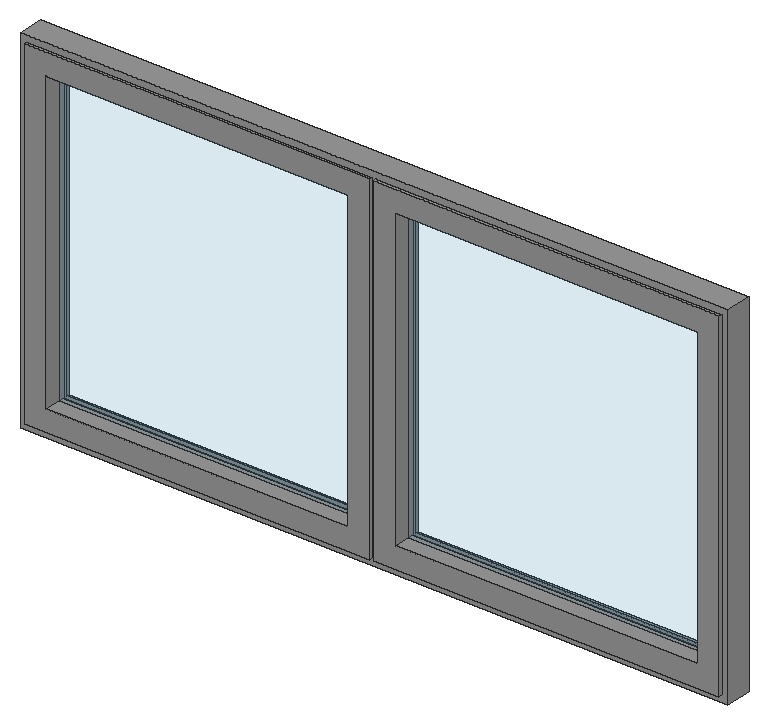
Revit family "Kawneer_Window_GT70s_Pos003", category Windows, host Wall, Revit 2020 (continued)
Definition of nested family "Kawneer_GT70s_Pos003"
  Definition of nested family "Kawneer_GT70s_Mull3"
    Lines and regions (mm)
      model lines, in view "Ref. Level", detail levels fine
        curve 373: arc (47, -24.667, 0) -> (46.85, -24.927, 0) -> (46.55, -24.927, 0) r 0.3
        curve 374: arc (47, -10.5, 0) -> (47.146, -10.146, 0) -> (47.5, -10, 0) r 0.5
        curve 375: arc (51.8, -9, 0) -> (51.507, -9.707, 0) -> (50.8, -10, 0) r 1
        curve 376: arc (50.787, -6.22, 0) -> (51.526, -6.884, 0) -> (51.8, -7.839, 0) r 1.8
        curve 377: arc (50.5, -6.4, 0) -> (50.594, -6.23, 0) -> (50.787, -6.22, 0) r 0.2
        curve 378: arc (50.5, -7.8, 0) -> (50.354, -8.154, 0) -> (50, -8.3, 0) r 0.5
        curve 379: arc (47.5, -8.3, 0) -> (47.146, -8.154, 0) -> (47, -7.8, 0) r 0.5
        curve 380: arc (47, 5.7, 0) -> (47.146, 6.054, 0) -> (47.5, 6.2, 0) r 0.5
        curve 381: arc (50, 6.2, 0) -> (50.354, 6.054, 0) -> (50.5, 5.7, 0) r 0.5
        curve 382: arc (50.778, 3.816, 0) -> (50.589, 3.833, 0) -> (50.5, 4, 0) r 0.2
        curve 383: arc (52, 5.658, 0) -> (51.655, 4.536, 0) -> (50.739, 3.8, 0) r 2
        curve 384: arc (51, 8, 0) -> (51.707, 7.707, 0) -> (52, 7, 0) r 1
        curve 385: arc (45.55, -39.3, 0) -> (45.488, -43.91, 0) -> (45.303, -48.516, 0) r 172.47
        curve 386: arc (45.303, -48.516, 0) -> (45.098, -49.458, 0) -> (44.605, -50.286, 0) r 3.002
        curve 387: arc (42.519, -53.867, 0) -> (42.699, -52.839, 0) -> (43.22, -51.936, 0) r 2.996
        curve 388: arc (42.519, -54.329, 0) -> (42.501, -54.457, 0) -> (42.451, -54.576, 0) r 0.5
        curve 389: arc (41.8, -56.8, 0) -> (41.659, -56.741, 0) -> (41.6, -56.6, 0) r 0.2
        curve 390: arc (43.08, -56.35, 0) -> (43.08, -56.65, 0) -> (42.821, -56.8, 0) r 0.3
        curve 391: arc (43.08, -56.35, 0) -> (43.6, -55.45, 0) -> (44.12, -56.35, 0) r 0.6
        curve 392: arc (44.379, -56.8, 0) -> (44.12, -56.65, 0) -> (44.12, -56.35, 0) r 0.3
        curve 393: arc (45.4, -56.6, 0) -> (45.341, -56.741, 0) -> (45.2, -56.8, 0) r 0.2
        curve 394: arc (44.897, -54.429, 0) -> (45.114, -53.72, 0) -> (45.645, -53.201, 0) r 1.5
        curve 395: arc (46.95, -51.87, 0) -> (46.816, -52.37, 0) -> (46.45, -52.736, 0) r 1
        curve 396: arc (46.45, -25.864, 0) -> (46.816, -26.23, 0) -> (46.95, -26.73, 0) r 1
        curve 397: arc (45.645, -25.399, 0) -> (45.114, -24.88, 0) -> (44.897, -24.171, 0) r 1.5
        curve 398: arc (45.2, -21.8, 0) -> (45.341, -21.859, 0) -> (45.4, -22, 0) r 0.2
        curve 399: arc (44.12, -22.25, 0) -> (44.12, -21.95, 0) -> (44.379, -21.8, 0) r 0.3
        curve 400: arc (44.12, -22.25, 0) -> (43.6, -23.15, 0) -> (43.08, -22.25, 0) r 0.6
        curve 401: arc (42.821, -21.8, 0) -> (43.08, -21.95, 0) -> (43.08, -22.25, 0) r 0.3
        curve 402: arc (41.6, -21.9, 0) -> (41.66, -21.813, 0) -> (41.764, -21.803, 0) r 0.124
        curve 403: arc (42.452, -24.026, 0) -> (42.502, -24.144, 0) -> (42.519, -24.271, 0) r 0.5
        curve 404: arc (43.221, -26.665, 0) -> (42.672, -25.773, 0) -> (42.519, -24.737, 0) r 2.599
        curve 405: arc (44.605, -28.315, 0) -> (45.095, -29.143, 0) -> (45.303, -30.083, 0) r 3.049
        curve 406: arc (45.303, -30.083, 0) -> (45.455, -33.587, 0) -> (45.536, -37.094, 0) r 172.05
        curve 407: arc (45.536, -37.094, 0) -> (45.392, -37.451, 0) -> (45.036, -37.6, 0) r 0.5
        curve 408: arc (36.15, -38.2, 0) -> (36.326, -37.776, 0) -> (36.75, -37.6, 0) r 0.6
        curve 409: arc (36.75, -38.8, 0) -> (36.326, -38.624, 0) -> (36.15, -38.2, 0) r 0.6
        curve 410: arc (45.05, -38.8, 0) -> (45.404, -38.946, 0) -> (45.55, -39.3, 0) r 0.5
        curve 411: arc (26.847, -46.799, 0) -> (25.787, -46.359, 0) -> (25.347, -45.299, 0) r 1.5
        curve 412: arc (25.347, -38.899, 0) -> (25.64, -38.192, 0) -> (26.347, -37.899, 0) r 1
        curve 413: arc (29.918, -37.899, 0) -> (30.372, -38.008, 0) -> (30.727, -38.311, 0) r 1
        curve 414: arc (31.856, -39.866, 0) -> (31.998, -40.145, 0) -> (32.047, -40.454, 0) r 1
        curve 415: arc (32.047, -45.299, 0) -> (31.608, -46.359, 0) -> (30.547, -46.799, 0) r 1.5
        curve 416: arc (31.03, -36.906, 0) -> (30.706, -37.123, 0) -> (30.323, -37.199, 0) r 1
        curve 417: arc (26.347, -37.199, 0) -> (25.64, -36.906, 0) -> (25.347, -36.199, 0) r 1
        curve 418: arc (25.347, -29.799, 0) -> (25.787, -28.738, 0) -> (26.847, -28.299, 0) r 1.5
        curve 419: arc (30.547, -28.299, 0) -> (31.608, -28.738, 0) -> (32.047, -29.799, 0) r 1.5
        curve 420: arc (32.047, -35.474, 0) -> (31.971, -35.857, 0) -> (31.754, -36.182, 0) r 1
        curve 421: arc (30.347, -47.799, 0) -> (31.054, -48.092, 0) -> (31.347, -48.799, 0) r 1
        curve 422: arc (31.847, -52.736, 0) -> (31.481, -52.37, 0) -> (31.347, -51.87, 0) r 1
        curve 423: arc (32.652, -53.201, 0) -> (33.183, -53.72, 0) -> (33.401, -54.429, 0) r 1.5
        curve 424: arc (33.097, -56.8, 0) -> (32.956, -56.741, 0) -> (32.897, -56.6, 0) r 0.2
        curve 425: arc (34.178, -56.35, 0) -> (34.178, -56.65, 0) -> (33.918, -56.8, 0) r 0.3
        curve 426: arc (34.178, -56.35, 0) -> (34.697, -55.448, 0) -> (35.217, -56.35, 0) r 0.601
        curve 427: arc (35.477, -56.8, 0) -> (35.217, -56.65, 0) -> (35.217, -56.35, 0) r 0.3
        curve 428: arc (36.697, -56.6, 0) -> (36.639, -56.741, 0) -> (36.497, -56.8, 0) r 0.2
        curve 429: arc (35.845, -54.574, 0) -> (35.796, -54.456, 0) -> (35.778, -54.33, 0) r 0.5
        curve 430: arc (35.077, -51.936, 0) -> (35.598, -52.838, 0) -> (35.778, -53.863, 0) r 2.996
        curve 431: arc (33.749, -50.353, 0) -> (33.228, -49.451, 0) -> (33.047, -48.425, 0) r 3
        curve 432: arc (33.047, -41.499, 0) -> (33.194, -41.145, 0) -> (33.547, -40.999, 0) r 0.5
        curve 433: arc (41.347, -39.799, 0) -> (41.947, -40.399, 0) -> (41.347, -40.999, 0) r 0.6
        curve 434: arc (33.298, -39.799, 0) -> (33.071, -39.744, 0) -> (32.894, -39.593, 0) r 0.5
        curve 435: arc (32.176, -38.605, 0) -> (31.974, -37.65, 0) -> (32.549, -36.86, 0) r 1.2
        curve 436: arc (33.047, -35.993, 0) -> (32.914, -36.493, 0) -> (32.549, -36.86, 0) r 1
        curve 437: arc (33.047, -30.173, 0) -> (33.229, -29.148, 0) -> (33.749, -28.247, 0) r 3
        curve 438: arc (35.778, -24.737, 0) -> (35.598, -25.762, 0) -> (35.077, -26.664, 0) r 2.996
        curve 439: arc (35.778, -24.27, 0) -> (35.796, -24.144, 0) -> (35.845, -24.026, 0) r 0.5
        curve 440: arc (36.497, -21.8, 0) -> (36.639, -21.859, 0) -> (36.697, -22, 0) r 0.2
        curve 441: arc (35.217, -22.25, 0) -> (35.218, -21.948, 0) -> (35.482, -21.8, 0) r 0.3
        curve 442: arc (35.217, -22.25, 0) -> (34.697, -23.173, 0) -> (34.178, -22.25, 0) r 0.608
        curve 443: arc (33.918, -21.8, 0) -> (34.178, -21.95, 0) -> (34.178, -22.25, 0) r 0.3
        curve 444: arc (32.897, -22, 0) -> (32.956, -21.859, 0) -> (33.097, -21.8, 0) r 0.2
        curve 445: arc (33.401, -24.171, 0) -> (33.183, -24.88, 0) -> (32.652, -25.399, 0) r 1.5
        curve 446: arc (31.353, -26.626, 0) -> (31.508, -26.186, 0) -> (31.847, -25.864, 0) r 1
        curve 447: arc (31.353, -26.626, 0) -> (31.109, -27.106, 0) -> (30.607, -27.299, 0) r 0.75
        curve 448: arc (24.347, -28.799, 0) -> (24.787, -27.738, 0) -> (25.847, -27.299, 0) r 1.5
        curve 449: arc (24.847, -47.799, 0) -> (24.494, -47.652, 0) -> (24.347, -47.299, 0) r 0.5
        curve 450: arc (10.72, -47.702, 0) -> (10.911, -47.74, 0) -> (11.073, -47.848, 0) r 0.5
        curve 451: arc (9.44, -48.302, 0) -> (9.543, -47.886, 0) -> (9.93, -47.702, 0) r 0.5
        curve 452: arc (10.42, -49.102, 0) -> (9.787, -48.877, 0) -> (9.44, -48.302, 0) r 1
        curve 453: arc (11.22, -48.602, 0) -> (11.073, -48.956, 0) -> (10.72, -49.102, 0) r 0.5
        curve 454: arc (11.073, -47.848, 0) -> (11.182, -48.011, 0) -> (11.22, -48.202, 0) r 0.5
        curve 455: arc (10.72, -49.764, 0) -> (11.073, -49.911, 0) -> (11.22, -50.264, 0) r 0.5
        curve 456: arc (9.92, -50.264, 0) -> (10.066, -49.911, 0) -> (10.42, -49.764, 0) r 0.5
        curve 457: arc (10.42, -51.164, 0) -> (10.066, -51.018, 0) -> (9.92, -50.664, 0) r 0.5
        curve 458: arc (11.22, -50.664, 0) -> (11.073, -51.018, 0) -> (10.72, -51.164, 0) r 0.5
        curve 459: arc (11.7, -46.438, 0) -> (11.153, -47.121, 0) -> (10.367, -46.737, 0) r 0.7
        curve 460: arc (11.7, -45.279, 0) -> (11.778, -45.12, 0) -> (11.951, -45.085, 0) r 0.2
        curve 461: arc (11.951, -45.085, 0) -> (12.488, -45.326, 0) -> (12.919, -45.727, 0) r 1.8
        curve 462: arc (12.919, -45.727, 0) -> (13.197, -46.246, 0) -> (13.294, -46.826, 0) r 1.8
        curve 463: arc (15.757, -50.168, 0) -> (14.199, -49.78, 0) -> (13.429, -48.371, 0) r 2
        curve 464: arc (25.69, -48.295, 0) -> (25.926, -48.317, 0) -> (25.743, -48.466, 0) r 0.127
        curve 465: arc (21.867, -49.048, 0) -> (21.358, -48.839, 0) -> (21.349, -48.288, 0) r 0.5
        curve 466: arc (21.349, -48.288, 0) -> (22.255, -47.441, 0) -> (23.457, -47.133, 0) r 2.5
        curve 467: arc (26.486, -47.133, 0) -> (27.446, -47.855, 0) -> (27.021, -48.978, 0) r 1
        curve 468: arc (26.78, -49.145, 0) -> (22.397, -51.727, 0) -> (17.686, -53.647, 0) r 35
        curve 469: arc (12.012, -55.49, 0) -> (11.833, -55.462, 0) -> (11.75, -55.3, 0) r 0.2
        curve 470: arc (10.352, -52.387, 0) -> (11.074, -51.733, 0) -> (11.75, -52.433, 0) r 0.7
        curve 471: arc (7.4, -51.718, 0) -> (7.291, -51.608, 0) -> (7.25, -51.458, 0) r 0.3
        curve 472: arc (7.25, -50.238, 0) -> (7.653, -49.835, 0) -> (8.056, -50.238, 0) r 0.403
        curve 473: arc (8.706, -50.444, 0) -> (8.381, -50.769, 0) -> (8.056, -50.444, 0) r 0.325
        curve 474: arc (8.378, -49.261, 0) -> (8.616, -49.444, 0) -> (8.706, -49.731, 0) r 0.5
        curve 475: arc (8.378, -49.261, 0) -> (7.664, -48.712, 0) -> (7.394, -47.853, 0) r 1.5
        curve 476: arc (7.394, -47.62, 0) -> (7.432, -47.473, 0) -> (7.538, -47.364, 0) r 0.3
        curve 477: arc (9.264, 5.418, 0) -> (9.329, 5.548, 0) -> (9.464, 5.601, 0) r 0.2
        curve 478: arc (10.136, 5.601, 0) -> (10.271, 5.548, 0) -> (10.336, 5.418, 0) r 0.2
        curve 479: arc (10.449, 4.118, 0) -> (10.397, 3.966, 0) -> (10.25, 3.901, 0) r 0.2
        curve 480: arc (9.35, 3.901, 0) -> (9.203, 3.965, 0) -> (9.151, 4.118, 0) r 0.2
        curve 481: arc (7.324, 0.801, 0) -> (6.777, 1.016, 0) -> (6.525, 1.547, 0) r 0.8
        curve 482: arc (6.525, 1.547, 0) -> (6.507, 2.183, 0) -> (6.538, 2.818, 0) r 8.2
        curve 483: arc (6.538, 2.818, 0) -> (6.602, 2.948, 0) -> (6.737, 3.001, 0) r 0.2
        curve 484: arc (10.93, 3.001, 0) -> (11.029, 2.92, 0) -> (10.968, 2.808, 0) r 0.1
        curve 485: arc (10.968, 2.808, 0) -> (9.675, 2.548, 0) -> (8.377, 2.788, 0) r 3.48
        curve 486: arc (7.212, 1.718, 0) -> (7.447, 2.631, 0) -> (8.377, 2.788, 0) r 0.866
        curve 487: arc (7.888, 0.984, 0) -> (7.472, 1.279, 0) -> (7.212, 1.718, 0) r 1.222
        curve 488: arc (11.16, 1.597, 0) -> (11.642, 1.905, 0) -> (11.951, 1.423, 0) r 0.405
        curve 489: arc (11.16, 1.597, 0) -> (10.842, 1.058, 0) -> (10.268, 0.809, 0) r 1.009
        curve 490: arc (10.268, 0.809, 0) -> (10.004, 0.8, 0) -> (9.74, 0.822, 0) r 2.275
        curve 491: arc (9.74, 0.822, 0) -> (9.481, 0.873, 0) -> (9.23, 0.955, 0) r 2.275
        curve 492: arc (9.23, 0.955, 0) -> (8.541, 1.326, 0) -> (7.962, 1.851, 0) r 3.222
        curve 493: arc (7.962, 1.851, 0) -> (7.954, 2.011, 0) -> (8.107, 2.057, 0) r 0.13
        curve 494: arc (13.093, 3.524, 0) -> (10.85, 1.942, 0) -> (8.107, 2.057, 0) r 4.258
        curve 495: arc (12.85, 4.001, 0) -> (13.117, 3.837, 0) -> (13.093, 3.524, 0) r 0.3
        curve 496: arc (11.45, 4.001, 0) -> (11.309, 4.059, 0) -> (11.25, 4.201, 0) r 0.2
        curve 497: arc (11.75, 5.747, 0) -> (11.847, 5.54, 0) -> (11.685, 5.377, 0) r 0.2
        curve 498: arc (7.915, 5.377, 0) -> (7.753, 5.54, 0) -> (7.85, 5.747, 0) r 0.2
        curve 499: arc (8.35, 4.201, 0) -> (8.291, 4.059, 0) -> (8.15, 4.001, 0) r 0.2
        curve 500: arc (5.855, 3.754, 0) -> (5.958, 3.931, 0) -> (6.15, 4.001, 0) r 0.3
        curve 501: arc (5.728, 1.486, 0) -> (5.721, 2.624, 0) -> (5.855, 3.754, 0) r 9.161
        curve 502: arc (7.324, -0.005, 0) -> (6.232, 0.426, 0) -> (5.728, 1.486, 0) r 1.6
        curve 503: arc (11.951, 1.423, 0) -> (11.321, 0.402, 0) -> (10.194, -0.005, 0) r 1.819
        curve 504: arc (22.35, -68.117, 0) -> (22.402, -67.965, 0) -> (22.55, -67.9, 0) r 0.2
        curve 505: arc (23.35, -67.9, 0) -> (23.497, -67.965, 0) -> (23.549, -68.117, 0) r 0.2
        curve 506: arc (23.435, -69.417, 0) -> (23.371, -69.547, 0) -> (23.236, -69.6, 0) r 0.2
        curve 507: arc (24.466, -69.131, 0) -> (24.789, -69.47, 0) -> (24.636, -69.913, 0) r 0.45
        curve 508: arc (24.35, -68.3, 0) -> (24.438, -68.088, 0) -> (24.65, -68, 0) r 0.3
        curve 509: arc (27.049, -68, 0) -> (27.269, -68.097, 0) -> (27.348, -68.324, 0) r 0.3
        curve 510: arc (28.729, -71.09, 0) -> (28.176, -71.752, 0) -> (27.35, -72, 0) r 1.5
        curve 511: arc (28.729, -71.09, 0) -> (29.517, -70.008, 0) -> (30.697, -69.376, 0) r 3
        curve 512: arc (34.403, -67.337, 0) -> (34.941, -67.746, 0) -> (34.58, -68.317, 0) r 0.5
        curve 513: arc (29.385, -67.798, 0) -> (29.022, -67.686, 0) -> (28.842, -67.35, 0) r 0.5
        curve 514: arc (27.35, -66, 0) -> (28.356, -66.388, 0) -> (28.842, -67.35, 0) r 1.5
        curve 515: arc (18.85, -67.5, 0) -> (19.289, -66.439, 0) -> (20.35, -66, 0) r 1.5
        curve 516: arc (21.25, -68, 0) -> (21.462, -68.088, 0) -> (21.55, -68.3, 0) r 0.3
        curve 517: arc (66.5, 8, 0) -> (66.854, 7.854, 0) -> (67, 7.5, 0) r 0.5
        curve 518: arc (67, -31.4, 0) -> (66.854, -31.754, 0) -> (66.5, -31.9, 0) r 0.5
        curve 519: arc (65.2, -31.9, 0) -> (64.846, -31.754, 0) -> (64.7, -31.4, 0) r 0.5
        curve 520: arc (64.7, -30.9, 0) -> (64.846, -30.546, 0) -> (65.2, -30.4, 0) r 0.5
        curve 521: arc (65.8, -29.9, 0) -> (65.654, -30.254, 0) -> (65.3, -30.4, 0) r 0.5
        curve 522: arc (65.3, -6.2, 0) -> (65.654, -6.346, 0) -> (65.8, -6.7, 0) r 0.5
        curve 523: arc (49.709, -6.541, 0) -> (49.665, -6.323, 0) -> (49.85, -6.2, 0) r 0.2
        curve 524: arc (50.45, -7.6, 0) -> (50.391, -7.741, 0) -> (50.25, -7.8, 0) r 0.2
        curve 525: arc (49.784, -7.8, 0) -> (49.655, -7.783, 0) -> (49.534, -7.733, 0) r 0.5
        curve 526: arc (47.903, -6.792, 0) -> (47.481, -5.772, 0) -> (48.356, -5.1, 0) r 0.906
        curve 527: arc (65.744, -4.082, 0) -> (65.458, -4.801, 0) -> (64.744, -5.1, 0) r 1
        curve 528: arc (64.078, 6.5, 0) -> (65.11, 6.089, 0) -> (65.576, 5.08, 0) r 1.5
        curve 529: arc (55.5, 6.25, 0) -> (55.683, 6.433, 0) -> (55.933, 6.5, 0) r 0.5
        curve 530: arc (53.97, 3.6, 0) -> (53.238, 2.868, 0) -> (52.238, 2.6, 0) r 2
        curve 531: arc (49.559, 2.6, 0) -> (49.097, 2.909, 0) -> (49.205, 3.454, 0) r 0.5
        curve 532: arc (49.764, 4.012, 0) -> (49.976, 4.1, 0) -> (50.188, 4.012, 0) r 0.3
        curve 533: arc (50.566, 3.8, 0) -> (50.413, 3.83, 0) -> (50.283, 3.917, 0) r 0.4
        curve 534: arc (52.989, 4.3, 0) -> (52.623, 3.934, 0) -> (52.123, 3.8, 0) r 1
        curve 535: arc (53.566, 6.8, 0) -> (53.999, 6.55, 0) -> (53.999, 6.05, 0) r 0.5
        curve 536: arc (52.4, 6.8, 0) -> (52.259, 6.859, 0) -> (52.2, 7, 0) r 0.2
        curve 537: arc (52.2, 7.5, 0) -> (52.346, 7.854, 0) -> (52.7, 8, 0) r 0.5
        curve 538: arc (64.397, -68.865, 0) -> (64.441, -69.029, 0) -> (64.594, -69.1, 0) r 0.2
        curve 539: arc (64.914, -69.415, 0) -> (64.928, -69.208, 0) -> (64.75, -69.1, 0) r 0.2
        curve 540: arc (64.33, -70.1, 0) -> (64.422, -70.077, 0) -> (64.494, -70.015, 0) r 0.2
        curve 541: arc (63.592, -70, 0) -> (63.665, -70.073, 0) -> (63.765, -70.1, 0) r 0.2
        curve 542: arc (63.173, -69.274, 0) -> (63, -69.174, 0) -> (62.827, -69.274, 0) r 0.2
        curve 543: arc (62.235, -70.1, 0) -> (62.335, -70.073, 0) -> (62.408, -70, 0) r 0.2
        curve 544: arc (61.506, -70.015, 0) -> (61.578, -70.077, 0) -> (61.67, -70.1, 0) r 0.2
        curve 545: arc (61.25, -69.1, 0) -> (61.073, -69.207, 0) -> (61.086, -69.415, 0) r 0.2
        curve 546: arc (61.406, -69.1, 0) -> (61.559, -69.029, 0) -> (61.603, -68.865, 0) r 0.2
        curve 547: arc (59.211, -67.817, 0) -> (59.275, -67.947, 0) -> (59.41, -68, 0) r 0.2
        curve 548: arc (59.034, -65, 0) -> (58.886, -65.065, 0) -> (58.835, -65.217, 0) r 0.2
        curve 549: arc (60.94, -65.148, 0) -> (60.868, -65.041, 0) -> (60.747, -65, 0) r 0.2
        curve 550: arc (61.101, -65.752, 0) -> (61.173, -65.859, 0) -> (61.295, -65.9, 0) r 0.2
        curve 551: arc (64.706, -65.9, 0) -> (64.827, -65.858, 0) -> (64.899, -65.752, 0) r 0.2
        curve 552: arc (65.253, -65, 0) -> (65.132, -65.041, 0) -> (65.06, -65.148, 0) r 0.2
        curve 553: arc (67.165, -65.217, 0) -> (67.114, -65.065, 0) -> (66.966, -65, 0) r 0.2
        curve 554: arc (66.59, -68, 0) -> (66.725, -67.947, 0) -> (66.789, -67.817, 0) r 0.2
        curve 555: arc (-42.146, -70.354, 0) -> (-42.037, -70.191, 0) -> (-41.999, -70, 0) r 0.5
        curve 556: arc (-39.999, -65.8, 0) -> (-41.413, -66.386, 0) -> (-41.999, -67.8, 0) r 2
        curve 557: arc (-35.299, -65.8, 0) -> (-35.158, -65.741, 0) -> (-35.099, -65.6, 0) r 0.2
        curve 558: arc (-35.099, -58.6, 0) -> (-35.158, -58.459, 0) -> (-35.299, -58.4, 0) r 0.2
        curve 559: arc (-45.299, -58.4, 0) -> (-45.441, -58.459, 0) -> (-45.499, -58.6, 0) r 0.2
        curve 560: arc (-45.499, -70, 0) -> (-45.353, -70.354, 0) -> (-44.999, -70.5, 0) r 0.5
        curve 561: arc (-42.499, -70.5, 0) -> (-42.308, -70.462, 0) -> (-42.146, -70.354, 0) r 0.5
        curve 562: arc (-39.146, -70.646, 0) -> (-39.308, -70.538, 0) -> (-39.499, -70.5, 0) r 0.5
        curve 563: arc (-38.999, -71, 0) -> (-39.037, -70.809, 0) -> (-39.146, -70.646, 0) r 0.5
        curve 564: arc (-39.499, -72, 0) -> (-39.146, -71.854, 0) -> (-38.999, -71.5, 0) r 0.5
        curve 565: arc (-66.999, -71.5, 0) -> (-66.853, -71.854, 0) -> (-66.499, -72, 0) r 0.5
        curve 566: arc (-66.499, -68, 0) -> (-66.853, -68.146, 0) -> (-66.999, -68.5, 0) r 0.5
        curve 567: arc (-64.499, -68.5, 0) -> (-64.646, -68.146, 0) -> (-64.999, -68, 0) r 0.5
        curve 568: arc (-64.699, -69, 0) -> (-64.558, -68.941, 0) -> (-64.499, -68.8, 0) r 0.2
        curve 569: arc (-65.299, -69, 0) -> (-65.653, -69.146, 0) -> (-65.799, -69.5, 0) r 0.5
        curve 570: arc (-65.799, -70.1, 0) -> (-65.653, -70.454, 0) -> (-65.299, -70.6, 0) r 0.5
        curve 571: arc (-60.699, -70.6, 0) -> (-60.346, -70.454, 0) -> (-60.199, -70.1, 0) r 0.5
        curve 572: arc (-60.199, -69.5, 0) -> (-60.346, -69.146, 0) -> (-60.699, -69, 0) r 0.5
        curve 573: arc (-61.499, -68.8, 0) -> (-61.441, -68.941, 0) -> (-61.299, -69, 0) r 0.2
        curve 574: arc (-60.999, -68, 0) -> (-61.353, -68.146, 0) -> (-61.499, -68.5, 0) r 0.5
        curve 575: arc (-57.899, -68.8, 0) -> (-57.499, -68.4, 0) -> (-57.899, -68, 0) r 0.4
        curve 576: arc (-58.799, -68.8, 0) -> (-58.941, -68.859, 0) -> (-58.999, -69, 0) r 0.2
        curve 577: arc (-58.999, -69.9, 0) -> (-58.853, -70.254, 0) -> (-58.499, -70.4, 0) r 0.5
        curve 578: arc (-47.488, -70.211, 0) -> (-47.142, -70.061, 0) -> (-46.999, -69.711, 0) r 0.5
        curve 579: arc (-46.549, -53.673, 0) -> (-46.849, -53.673, 0) -> (-46.999, -53.933, 0) r 0.3
        curve 580: arc (-44.972, -55.042, 0) -> (-44.711, -54.934, 0) -> (-44.819, -54.672, 0) r 0.2
        curve 581: arc (-45.586, -56.523, 0) -> (-45.567, -56.711, 0) -> (-45.401, -56.8, 0) r 0.2
        curve 582: arc (-41.799, -56.8, 0) -> (-41.651, -56.735, 0) -> (-41.6, -56.581, 0) r 0.2
        curve 583: arc (-42.415, -54.3, 0) -> (-42.615, -54.515, 0) -> (-42.386, -54.698, 0) r 0.2
        curve 584: arc (-39.871, -55.225, 0) -> (-40.86, -54.541, 0) -> (-42.038, -54.3, 0) r 3
        curve 585: arc (-39.871, -55.225, 0) -> (-39.149, -55.533, 0) -> (-38.427, -55.225, 0) r 1
        curve 586: arc (-36.26, -54.3, 0) -> (-37.438, -54.541, 0) -> (-38.427, -55.225, 0) r 3
        curve 587: arc (-35.913, -54.698, 0) -> (-35.684, -54.515, 0) -> (-35.883, -54.3, 0) r 0.2
        curve 588: arc (-36.699, -56.6, 0) -> (-36.639, -56.743, 0) -> (-36.495, -56.8, 0) r 0.2
        curve 589: arc (-32.901, -56.8, 0) -> (-32.732, -56.713, 0) -> (-32.713, -56.523, 0) r 0.2
        curve 590: arc (-33.479, -54.672, 0) -> (-33.588, -54.934, 0) -> (-33.326, -55.042, 0) r 0.2
        curve 591: arc (-31.299, -53.933, 0) -> (-31.449, -53.673, 0) -> (-31.749, -53.673, 0) r 0.3
        curve 592: arc (-31.299, -57.228, 0) -> (-31.251, -57.359, 0) -> (-31.13, -57.426, 0) r 0.2
        curve 593: arc (-30.099, -57.785, 0) -> (-30.145, -57.657, 0) -> (-30.262, -57.588, 0) r 0.2
        curve 594: arc (-30.299, -58.6, 0) -> (-30.158, -58.541, 0) -> (-30.099, -58.4, 0) r 0.2
        curve 595: arc (-33.099, -58.6, 0) -> (-33.453, -58.746, 0) -> (-33.599, -59.1, 0) r 0.5
        curve 596: arc (-33.599, -65.3, 0) -> (-33.453, -65.654, 0) -> (-33.099, -65.8, 0) r 0.5
        curve 597: arc (-31.199, -66.3, 0) -> (-31.346, -65.946, 0) -> (-31.699, -65.8, 0) r 0.5
        curve 598: arc (-31.699, -67.3, 0) -> (-31.346, -67.154, 0) -> (-31.199, -66.8, 0) r 0.5
        curve 599: arc (-39.999, -67.3, 0) -> (-40.353, -67.446, 0) -> (-40.499, -67.8, 0) r 0.5
        curve 600: arc (-40.499, -70, 0) -> (-40.353, -70.354, 0) -> (-39.999, -70.5, 0) r 0.5
        curve 601: arc (-29.8, 6.3, 0) -> (-29.859, 6.441, 0) -> (-30, 6.5, 0) r 0.2
        curve 602: arc (-45, 6.5, 0) -> (-45.141, 6.441, 0) -> (-45.2, 6.3, 0) r 0.2
        curve 603: arc (-45.35, 4.994, 0) -> (-45.242, 5.065, 0) -> (-45.2, 5.187, 0) r 0.2
        curve 604: arc (-45.35, 4.994, 0) -> (-45.458, 4.922, 0) -> (-45.5, 4.8, 0) r 0.2
        curve 605: arc (-45.5, -18.313, 0) -> (-45.458, -18.435, 0) -> (-45.35, -18.506, 0) r 0.2
        curve 606: arc (-45.2, -18.7, 0) -> (-45.242, -18.578, 0) -> (-45.35, -18.506, 0) r 0.2
        curve 607: arc (-45.2, -19.8, 0) -> (-45.141, -19.941, 0) -> (-45, -20, 0) r 0.2
        curve 608: arc (-43.7, -20.1, 0) -> (-43.773, -20.027, 0) -> (-43.873, -20, 0) r 0.2
        curve 609: arc (-43.7, -20.1, 0) -> (-43.627, -20.173, 0) -> (-43.527, -20.2, 0) r 0.2
        curve 610: arc (-31.947, -20.2, 0) -> (-31.858, -20.172, 0) -> (-31.8, -20.1, 0) r 0.16
        curve 611: arc (-31.627, -20, 0) -> (-31.727, -20.027, 0) -> (-31.8, -20.1, 0) r 0.2
        curve 612: arc (-30, -20, 0) -> (-29.859, -19.941, 0) -> (-29.8, -19.8, 0) r 0.2
        curve 613: arc (-6, 6, 0) -> (-6.586, 7.414, 0) -> (-8, 8, 0) r 2
        curve 614: arc (-6.5, 4, 0) -> (-6.146, 4.146, 0) -> (-6, 4.5, 0) r 0.5
        curve 615: arc (-8.4, 4.5, 0) -> (-8.263, 4.156, 0) -> (-7.926, 4.001, 0) r 0.5
        curve 616: arc (-8.2, 5, 0) -> (-8.341, 4.941, 0) -> (-8.4, 4.8, 0) r 0.2
        curve 617: arc (-7.7, 5, 0) -> (-7.346, 5.146, 0) -> (-7.2, 5.5, 0) r 0.5
        curve 618: arc (-7.2, 6.1, 0) -> (-7.346, 6.454, 0) -> (-7.7, 6.6, 0) r 0.5
        curve 619: arc (-11.8, 6.6, 0) -> (-12.154, 6.454, 0) -> (-12.3, 6.1, 0) r 0.5
        curve 620: arc (-12.3, 5.5, 0) -> (-12.154, 5.146, 0) -> (-11.8, 5, 0) r 0.5
        curve 621: arc (-11.3, 4.8, 0) -> (-11.359, 4.941, 0) -> (-11.5, 5, 0) r 0.2
        curve 622: arc (-11.8, 4, 0) -> (-11.446, 4.146, 0) -> (-11.3, 4.5, 0) r 0.5
        curve 623: arc (-13.1, 4.5, 0) -> (-12.963, 4.156, 0) -> (-12.626, 4.001, 0) r 0.5
        curve 624: arc (-13.1, 5.7, 0) -> (-13.246, 6.054, 0) -> (-13.6, 6.2, 0) r 0.5
        curve 625: arc (-26.5, 6.2, 0) -> (-27.561, 5.761, 0) -> (-28, 4.7, 0) r 1.5
        curve 626: arc (-28, 2.5, 0) -> (-27.854, 2.146, 0) -> (-27.5, 2, 0) r 0.5
        curve 627: arc (-23.5, 1.5, 0) -> (-23.646, 1.854, 0) -> (-24, 2, 0) r 0.5
        curve 628: arc (-24, -2.5, 0) -> (-23.646, -2.354, 0) -> (-23.5, -2, 0) r 0.5
        curve 629: arc (-25, -2, 0) -> (-24.854, -2.354, 0) -> (-24.5, -2.5, 0) r 0.5
        curve 630: arc (-25, -0.5, 0) -> (-25.146, -0.146, 0) -> (-25.5, 0, 0) r 0.5
        curve 631: arc (-27.74, 0.154, 0) -> (-28.112, 0.112, 0) -> (-28.154, -0.26, 0) r 0.3
        curve 632: arc (-28, -0.793, 0) -> (-28.039, -0.515, 0) -> (-28.154, -0.26, 0) r 1
        curve 633: arc (-28.154, -19.74, 0) -> (-28.039, -19.485, 0) -> (-28, -19.207, 0) r 1
        curve 634: arc (-28.154, -19.74, 0) -> (-28.112, -20.112, 0) -> (-27.74, -20.154, 0) r 0.3
        curve 635: arc (-27.207, -20, 0) -> (-27.485, -20.039, 0) -> (-27.74, -20.154, 0) r 1
        curve 636: arc (-25.5, -20, 0) -> (-25.146, -19.854, 0) -> (-25, -19.5, 0) r 0.5
        curve 637: arc (-24.5, -17.5, 0) -> (-24.854, -17.646, 0) -> (-25, -18, 0) r 0.5
        curve 638: arc (-23.5, -18, 0) -> (-23.646, -17.646, 0) -> (-24, -17.5, 0) r 0.5
        curve 639: arc (-24, -22, 0) -> (-23.646, -21.854, 0) -> (-23.5, -21.5, 0) r 0.5
        curve 640: arc (-29.827, -21.9, 0) -> (-29.754, -21.973, 0) -> (-29.654, -22, 0) r 0.2
        curve 641: arc (-29.827, -21.9, 0) -> (-29.9, -21.827, 0) -> (-30, -21.8, 0) r 0.2
        curve 642: arc (-30.8, -21.8, 0) -> (-31.154, -21.946, 0) -> (-31.3, -22.3, 0) r 0.5
        curve 643: arc (-31.75, -24.927, 0) -> (-31.45, -24.927, 0) -> (-31.3, -24.667, 0) r 0.3
        curve 644: arc (-33.327, -23.558, 0) -> (-33.588, -23.666, 0) -> (-33.48, -23.928, 0) r 0.2
        curve 645: arc (-32.713, -22.077, 0) -> (-32.732, -21.889, 0) -> (-32.899, -21.8, 0) r 0.2
        curve 646: arc (-36.5, -21.8, 0) -> (-36.653, -21.871, 0) -> (-36.697, -22.033, 0) r 0.2
        curve 647: arc (-35.884, -24.3, 0) -> (-35.684, -24.085, 0) -> (-35.914, -23.902, 0) r 0.2
        curve 648: arc (-38.428, -23.375, 0) -> (-37.439, -24.059, 0) -> (-36.261, -24.3, 0) r 3
        curve 649: arc (-38.428, -23.375, 0) -> (-39.15, -23.067, 0) -> (-39.872, -23.375, 0) r 1
        curve 650: arc (-42.039, -24.3, 0) -> (-40.861, -24.059, 0) -> (-39.872, -23.375, 0) r 3
        curve 651: arc (-42.386, -23.902, 0) -> (-42.616, -24.085, 0) -> (-42.416, -24.3, 0) r 0.2
        curve 652: arc (-41.6, -22, 0) -> (-41.659, -21.859, 0) -> (-41.8, -21.8, 0) r 0.2
        curve 653: arc (-45.402, -21.8, 0) -> (-45.568, -21.889, 0) -> (-45.586, -22.077, 0) r 0.2
        curve 654: arc (-44.82, -23.928, 0) -> (-44.712, -23.666, 0) -> (-44.973, -23.558, 0) r 0.2
        curve 655: arc (-47, -24.667, 0) -> (-46.85, -24.927, 0) -> (-46.55, -24.927, 0) r 0.3
        curve 656: arc (-47, -10.5, 0) -> (-47.146, -10.146, 0) -> (-47.5, -10, 0) r 0.5
        curve 657: arc (-51.8, -9, 0) -> (-51.507, -9.707, 0) -> (-50.8, -10, 0) r 1
        curve 658: arc (-50.787, -6.22, 0) -> (-51.526, -6.884, 0) -> (-51.8, -7.839, 0) r 1.8
        curve 659: arc (-50.5, -6.4, 0) -> (-50.594, -6.23, 0) -> (-50.787, -6.22, 0) r 0.2
        curve 660: arc (-50.5, -7.8, 0) -> (-50.354, -8.154, 0) -> (-50, -8.3, 0) r 0.5
        curve 661: arc (-47.5, -8.3, 0) -> (-47.146, -8.154, 0) -> (-47, -7.8, 0) r 0.5
        curve 662: arc (-47, 5.7, 0) -> (-47.146, 6.054, 0) -> (-47.5, 6.2, 0) r 0.5
        curve 663: arc (-50, 6.2, 0) -> (-50.354, 6.054, 0) -> (-50.5, 5.7, 0) r 0.5
        curve 664: arc (-50.778, 3.816, 0) -> (-50.589, 3.833, 0) -> (-50.5, 4, 0) r 0.2
        curve 665: arc (-52, 5.658, 0) -> (-51.655, 4.536, 0) -> (-50.739, 3.8, 0) r 2
        curve 666: arc (-51, 8, 0) -> (-51.707, 7.707, 0) -> (-52, 7, 0) r 1
        curve 667: arc (-45.55, -39.3, 0) -> (-45.488, -43.91, 0) -> (-45.303, -48.516, 0) r 172.47
        curve 668: arc (-45.303, -48.516, 0) -> (-45.098, -49.458, 0) -> (-44.605, -50.286, 0) r 3.002
        curve 669: arc (-42.519, -53.867, 0) -> (-42.699, -52.839, 0) -> (-43.22, -51.936, 0) r 2.996
        curve 670: arc (-42.519, -54.329, 0) -> (-42.501, -54.457, 0) -> (-42.451, -54.576, 0) r 0.5
        curve 671: arc (-41.8, -56.8, 0) -> (-41.659, -56.741, 0) -> (-41.6, -56.6, 0) r 0.2
        curve 672: arc (-43.08, -56.35, 0) -> (-43.08, -56.65, 0) -> (-42.821, -56.8, 0) r 0.3
        curve 673: arc (-43.08, -56.35, 0) -> (-43.6, -55.45, 0) -> (-44.12, -56.35, 0) r 0.6
        curve 674: arc (-44.379, -56.8, 0) -> (-44.12, -56.65, 0) -> (-44.12, -56.35, 0) r 0.3
        curve 675: arc (-45.4, -56.6, 0) -> (-45.341, -56.741, 0) -> (-45.2, -56.8, 0) r 0.2
        curve 676: arc (-44.897, -54.429, 0) -> (-45.114, -53.72, 0) -> (-45.645, -53.201, 0) r 1.5
        curve 677: arc (-46.95, -51.87, 0) -> (-46.816, -52.37, 0) -> (-46.45, -52.736, 0) r 1
        curve 678: arc (-46.45, -25.864, 0) -> (-46.816, -26.23, 0) -> (-46.95, -26.73, 0) r 1
        curve 679: arc (-45.645, -25.399, 0) -> (-45.114, -24.88, 0) -> (-44.897, -24.171, 0) r 1.5
        curve 680: arc (-45.2, -21.8, 0) -> (-45.341, -21.859, 0) -> (-45.4, -22, 0) r 0.2
        curve 681: arc (-44.12, -22.25, 0) -> (-44.12, -21.95, 0) -> (-44.379, -21.8, 0) r 0.3
        curve 682: arc (-44.12, -22.25, 0) -> (-43.6, -23.15, 0) -> (-43.08, -22.25, 0) r 0.6
        curve 683: arc (-42.821, -21.8, 0) -> (-43.08, -21.95, 0) -> (-43.08, -22.25, 0) r 0.3
        curve 684: arc (-41.6, -21.9, 0) -> (-41.66, -21.813, 0) -> (-41.764, -21.803, 0) r 0.124
        curve 685: arc (-42.452, -24.026, 0) -> (-42.502, -24.144, 0) -> (-42.519, -24.271, 0) r 0.5
        curve 686: arc (-43.221, -26.665, 0) -> (-42.672, -25.773, 0) -> (-42.519, -24.737, 0) r 2.599
        curve 687: arc (-44.605, -28.315, 0) -> (-45.095, -29.143, 0) -> (-45.303, -30.083, 0) r 3.049
        curve 688: arc (-45.303, -30.083, 0) -> (-45.455, -33.587, 0) -> (-45.536, -37.094, 0) r 172.05
        curve 689: arc (-45.536, -37.094, 0) -> (-45.392, -37.451, 0) -> (-45.036, -37.6, 0) r 0.5
        curve 690: arc (-36.15, -38.2, 0) -> (-36.326, -37.776, 0) -> (-36.75, -37.6, 0) r 0.6
        curve 691: arc (-36.75, -38.8, 0) -> (-36.326, -38.624, 0) -> (-36.15, -38.2, 0) r 0.6
        curve 692: arc (-45.05, -38.8, 0) -> (-45.404, -38.946, 0) -> (-45.55, -39.3, 0) r 0.5
        curve 693: arc (-26.847, -46.799, 0) -> (-25.787, -46.359, 0) -> (-25.347, -45.299, 0) r 1.5
        curve 694: arc (-25.347, -38.899, 0) -> (-25.64, -38.192, 0) -> (-26.347, -37.899, 0) r 1
        curve 695: arc (-29.918, -37.899, 0) -> (-30.372, -38.008, 0) -> (-30.727, -38.311, 0) r 1
        curve 696: arc (-31.856, -39.866, 0) -> (-31.998, -40.145, 0) -> (-32.047, -40.454, 0) r 1
        curve 697: arc (-32.047, -45.299, 0) -> (-31.608, -46.359, 0) -> (-30.547, -46.799, 0) r 1.5
        curve 698: arc (-31.03, -36.906, 0) -> (-30.706, -37.123, 0) -> (-30.323, -37.199, 0) r 1
        curve 699: arc (-26.347, -37.199, 0) -> (-25.64, -36.906, 0) -> (-25.347, -36.199, 0) r 1
        curve 700: arc (-25.347, -29.799, 0) -> (-25.787, -28.738, 0) -> (-26.847, -28.299, 0) r 1.5
        curve 701: arc (-30.547, -28.299, 0) -> (-31.608, -28.738, 0) -> (-32.047, -29.799, 0) r 1.5
        curve 702: arc (-32.047, -35.474, 0) -> (-31.971, -35.857, 0) -> (-31.754, -36.182, 0) r 1
        curve 703: arc (-30.347, -47.799, 0) -> (-31.054, -48.092, 0) -> (-31.347, -48.799, 0) r 1
        curve 704: arc (-31.847, -52.736, 0) -> (-31.481, -52.37, 0) -> (-31.347, -51.87, 0) r 1
        curve 705: arc (-32.652, -53.201, 0) -> (-33.183, -53.72, 0) -> (-33.401, -54.429, 0) r 1.5
        curve 706: arc (-33.097, -56.8, 0) -> (-32.956, -56.741, 0) -> (-32.897, -56.6, 0) r 0.2
        curve 707: arc (-34.178, -56.35, 0) -> (-34.178, -56.65, 0) -> (-33.918, -56.8, 0) r 0.3
        curve 708: arc (-34.178, -56.35, 0) -> (-34.697, -55.448, 0) -> (-35.217, -56.35, 0) r 0.601
        curve 709: arc (-35.477, -56.8, 0) -> (-35.217, -56.65, 0) -> (-35.217, -56.35, 0) r 0.3
        curve 710: arc (-36.697, -56.6, 0) -> (-36.639, -56.741, 0) -> (-36.497, -56.8, 0) r 0.2
        curve 711: arc (-35.845, -54.574, 0) -> (-35.796, -54.456, 0) -> (-35.778, -54.33, 0) r 0.5
        curve 712: arc (-35.077, -51.936, 0) -> (-35.598, -52.838, 0) -> (-35.778, -53.863, 0) r 2.996
        curve 713: arc (-33.749, -50.353, 0) -> (-33.228, -49.451, 0) -> (-33.047, -48.425, 0) r 3
        curve 714: arc (-33.047, -41.499, 0) -> (-33.194, -41.145, 0) -> (-33.547, -40.999, 0) r 0.5
        curve 715: arc (-41.347, -39.799, 0) -> (-41.947, -40.399, 0) -> (-41.347, -40.999, 0) r 0.6
        curve 716: arc (-33.298, -39.799, 0) -> (-33.071, -39.744, 0) -> (-32.894, -39.593, 0) r 0.5
        curve 717: arc (-32.176, -38.605, 0) -> (-31.974, -37.65, 0) -> (-32.549, -36.86, 0) r 1.2
        curve 718: arc (-33.047, -35.993, 0) -> (-32.914, -36.493, 0) -> (-32.549, -36.86, 0) r 1
        curve 719: arc (-33.047, -30.173, 0) -> (-33.229, -29.148, 0) -> (-33.749, -28.247, 0) r 3
        curve 720: arc (-35.778, -24.737, 0) -> (-35.598, -25.762, 0) -> (-35.077, -26.664, 0) r 2.996
        curve 721: arc (-35.778, -24.27, 0) -> (-35.796, -24.144, 0) -> (-35.845, -24.026, 0) r 0.5
        curve 722: arc (-36.497, -21.8, 0) -> (-36.639, -21.859, 0) -> (-36.697, -22, 0) r 0.2
        curve 723: arc (-35.217, -22.25, 0) -> (-35.218, -21.948, 0) -> (-35.482, -21.8, 0) r 0.3
        curve 724: arc (-35.217, -22.25, 0) -> (-34.697, -23.173, 0) -> (-34.178, -22.25, 0) r 0.608
        curve 725: arc (-33.918, -21.8, 0) -> (-34.178, -21.95, 0) -> (-34.178, -22.25, 0) r 0.3
        curve 726: arc (-32.897, -22, 0) -> (-32.956, -21.859, 0) -> (-33.097, -21.8, 0) r 0.2
        curve 727: arc (-33.401, -24.171, 0) -> (-33.183, -24.88, 0) -> (-32.652, -25.399, 0) r 1.5
        curve 728: arc (-31.353, -26.626, 0) -> (-31.508, -26.186, 0) -> (-31.847, -25.864, 0) r 1
        curve 729: arc (-31.353, -26.626, 0) -> (-31.109, -27.106, 0) -> (-30.607, -27.299, 0) r 0.75
        curve 730: arc (-24.347, -28.799, 0) -> (-24.787, -27.738, 0) -> (-25.847, -27.299, 0) r 1.5
        curve 731: arc (-24.847, -47.799, 0) -> (-24.494, -47.652, 0) -> (-24.347, -47.299, 0) r 0.5
        curve 732: arc (-10.72, -47.702, 0) -> (-10.911, -47.74, 0) -> (-11.073, -47.848, 0) r 0.5
        curve 733: arc (-9.44, -48.302, 0) -> (-9.543, -47.886, 0) -> (-9.93, -47.702, 0) r 0.5
        curve 734: arc (-10.42, -49.102, 0) -> (-9.787, -48.877, 0) -> (-9.44, -48.302, 0) r 1
        curve 735: arc (-11.22, -48.602, 0) -> (-11.073, -48.956, 0) -> (-10.72, -49.102, 0) r 0.5
        curve 736: arc (-11.073, -47.848, 0) -> (-11.182, -48.011, 0) -> (-11.22, -48.202, 0) r 0.5
        curve 737: arc (-10.72, -49.764, 0) -> (-11.073, -49.911, 0) -> (-11.22, -50.264, 0) r 0.5
        curve 738: arc (-9.92, -50.264, 0) -> (-10.066, -49.911, 0) -> (-10.42, -49.764, 0) r 0.5
        curve 739: arc (-10.42, -51.164, 0) -> (-10.066, -51.018, 0) -> (-9.92, -50.664, 0) r 0.5
        curve 740: arc (-11.22, -50.664, 0) -> (-11.073, -51.018, 0) -> (-10.72, -51.164, 0) r 0.5
        curve 741: arc (-11.7, -46.438, 0) -> (-11.153, -47.121, 0) -> (-10.367, -46.737, 0) r 0.7
        curve 742: arc (-11.7, -45.279, 0) -> (-11.778, -45.12, 0) -> (-11.951, -45.085, 0) r 0.2
        curve 743: arc (-11.951, -45.085, 0) -> (-12.488, -45.326, 0) -> (-12.919, -45.727, 0) r 1.8
        curve 744: arc (-12.919, -45.727, 0) -> (-13.197, -46.246, 0) -> (-13.294, -46.826, 0) r 1.8
        curve 745: arc (-15.757, -50.168, 0) -> (-14.199, -49.78, 0) -> (-13.429, -48.371, 0) r 2
        curve 746: arc (-25.69, -48.295, 0) -> (-25.926, -48.317, 0) -> (-25.743, -48.466, 0) r 0.127
        curve 747: arc (-21.867, -49.048, 0) -> (-21.358, -48.839, 0) -> (-21.349, -48.288, 0) r 0.5
        curve 748: arc (-21.349, -48.288, 0) -> (-22.255, -47.441, 0) -> (-23.457, -47.133, 0) r 2.5
        curve 749: arc (-26.486, -47.133, 0) -> (-27.446, -47.855, 0) -> (-27.021, -48.978, 0) r 1
        curve 750: arc (-26.78, -49.145, 0) -> (-22.397, -51.727, 0) -> (-17.686, -53.647, 0) r 35
        curve 751: arc (-12.012, -55.49, 0) -> (-11.833, -55.462, 0) -> (-11.75, -55.3, 0) r 0.2
        curve 752: arc (-10.352, -52.387, 0) -> (-11.074, -51.733, 0) -> (-11.75, -52.433, 0) r 0.7
        curve 753: arc (-7.4, -51.718, 0) -> (-7.291, -51.608, 0) -> (-7.25, -51.458, 0) r 0.3
        curve 754: arc (-7.25, -50.238, 0) -> (-7.653, -49.835, 0) -> (-8.056, -50.238, 0) r 0.403
        curve 755: arc (-8.706, -50.444, 0) -> (-8.381, -50.769, 0) -> (-8.056, -50.444, 0) r 0.325
        curve 756: arc (-8.378, -49.261, 0) -> (-8.616, -49.444, 0) -> (-8.706, -49.731, 0) r 0.5
        curve 757: arc (-8.378, -49.261, 0) -> (-7.664, -48.712, 0) -> (-7.394, -47.853, 0) r 1.5
        curve 758: arc (-7.394, -47.62, 0) -> (-7.432, -47.473, 0) -> (-7.538, -47.364, 0) r 0.3
        curve 759: arc (-9.264, 5.418, 0) -> (-9.329, 5.548, 0) -> (-9.464, 5.601, 0) r 0.2
        curve 760: arc (-10.136, 5.601, 0) -> (-10.271, 5.548, 0) -> (-10.336, 5.418, 0) r 0.2
        curve 761: arc (-10.449, 4.118, 0) -> (-10.397, 3.966, 0) -> (-10.25, 3.901, 0) r 0.2
        curve 762: arc (-9.35, 3.901, 0) -> (-9.203, 3.965, 0) -> (-9.151, 4.118, 0) r 0.2
        curve 763: arc (-7.324, 0.801, 0) -> (-6.777, 1.016, 0) -> (-6.525, 1.547, 0) r 0.8
        curve 764: arc (-6.525, 1.547, 0) -> (-6.507, 2.183, 0) -> (-6.538, 2.818, 0) r 8.2
        curve 765: arc (-6.538, 2.818, 0) -> (-6.602, 2.948, 0) -> (-6.737, 3.001, 0) r 0.2
        curve 766: arc (-10.93, 3.001, 0) -> (-11.029, 2.92, 0) -> (-10.968, 2.808, 0) r 0.1
        curve 767: arc (-10.968, 2.808, 0) -> (-9.675, 2.548, 0) -> (-8.377, 2.788, 0) r 3.48
        curve 768: arc (-7.212, 1.718, 0) -> (-7.447, 2.631, 0) -> (-8.377, 2.788, 0) r 0.866
        curve 769: arc (-7.888, 0.984, 0) -> (-7.472, 1.279, 0) -> (-7.212, 1.718, 0) r 1.222
        curve 770: arc (-11.16, 1.597, 0) -> (-11.642, 1.905, 0) -> (-11.951, 1.423, 0) r 0.405
        curve 771: arc (-11.16, 1.597, 0) -> (-10.842, 1.058, 0) -> (-10.268, 0.809, 0) r 1.009
        curve 772: arc (-10.268, 0.809, 0) -> (-10.004, 0.8, 0) -> (-9.74, 0.822, 0) r 2.275
        curve 773: arc (-9.74, 0.822, 0) -> (-9.481, 0.873, 0) -> (-9.23, 0.955, 0) r 2.275
        curve 774: arc (-9.23, 0.955, 0) -> (-8.541, 1.326, 0) -> (-7.962, 1.851, 0) r 3.222
        curve 775: arc (-7.962, 1.851, 0) -> (-7.954, 2.011, 0) -> (-8.107, 2.057, 0) r 0.13
        curve 776: arc (-13.093, 3.524, 0) -> (-10.85, 1.942, 0) -> (-8.107, 2.057, 0) r 4.258
        curve 777: arc (-12.85, 4.001, 0) -> (-13.117, 3.837, 0) -> (-13.093, 3.524, 0) r 0.3
        curve 778: arc (-11.45, 4.001, 0) -> (-11.309, 4.059, 0) -> (-11.25, 4.201, 0) r 0.2
        curve 779: arc (-11.75, 5.747, 0) -> (-11.847, 5.54, 0) -> (-11.685, 5.377, 0) r 0.2
        curve 780: arc (-7.915, 5.377, 0) -> (-7.753, 5.54, 0) -> (-7.85, 5.747, 0) r 0.2
        curve 781: arc (-8.35, 4.201, 0) -> (-8.291, 4.059, 0) -> (-8.15, 4.001, 0) r 0.2
        curve 782: arc (-5.855, 3.754, 0) -> (-5.958, 3.931, 0) -> (-6.15, 4.001, 0) r 0.3
        curve 783: arc (-5.728, 1.486, 0) -> (-5.721, 2.624, 0) -> (-5.855, 3.754, 0) r 9.161
        curve 784: arc (-7.324, -0.005, 0) -> (-6.232, 0.426, 0) -> (-5.728, 1.486, 0) r 1.6
        curve 785: arc (-11.951, 1.423, 0) -> (-11.321, 0.402, 0) -> (-10.194, -0.005, 0) r 1.819
        curve 786: arc (-22.35, -68.117, 0) -> (-22.402, -67.965, 0) -> (-22.55, -67.9, 0) r 0.2
        curve 787: arc (-23.35, -67.9, 0) -> (-23.497, -67.965, 0) -> (-23.549, -68.117, 0) r 0.2
        curve 788: arc (-23.435, -69.417, 0) -> (-23.371, -69.547, 0) -> (-23.236, -69.6, 0) r 0.2
        curve 789: arc (-24.466, -69.131, 0) -> (-24.789, -69.47, 0) -> (-24.636, -69.913, 0) r 0.45
        curve 790: arc (-24.35, -68.3, 0) -> (-24.438, -68.088, 0) -> (-24.65, -68, 0) r 0.3
        curve 791: arc (-27.049, -68, 0) -> (-27.269, -68.097, 0) -> (-27.348, -68.324, 0) r 0.3
        curve 792: arc (-28.729, -71.09, 0) -> (-28.176, -71.752, 0) -> (-27.35, -72, 0) r 1.5
        curve 793: arc (-28.729, -71.09, 0) -> (-29.517, -70.008, 0) -> (-30.697, -69.376, 0) r 3
        curve 794: arc (-34.403, -67.337, 0) -> (-34.941, -67.746, 0) -> (-34.58, -68.317, 0) r 0.5
        curve 795: arc (-29.385, -67.798, 0) -> (-29.022, -67.686, 0) -> (-28.842, -67.35, 0) r 0.5
        curve 796: arc (-27.35, -66, 0) -> (-28.356, -66.388, 0) -> (-28.842, -67.35, 0) r 1.5
        curve 797: arc (-18.85, -67.5, 0) -> (-19.289, -66.439, 0) -> (-20.35, -66, 0) r 1.5
        curve 798: arc (-21.25, -68, 0) -> (-21.462, -68.088, 0) -> (-21.55, -68.3, 0) r 0.3
        curve 799: arc (-66.5, 8, 0) -> (-66.854, 7.854, 0) -> (-67, 7.5, 0) r 0.5
        curve 800: arc (-67, -31.4, 0) -> (-66.854, -31.754, 0) -> (-66.5, -31.9, 0) r 0.5
        curve 801: arc (-65.2, -31.9, 0) -> (-64.846, -31.754, 0) -> (-64.7, -31.4, 0) r 0.5
        curve 802: arc (-64.7, -30.9, 0) -> (-64.846, -30.546, 0) -> (-65.2, -30.4, 0) r 0.5
        curve 803: arc (-65.8, -29.9, 0) -> (-65.654, -30.254, 0) -> (-65.3, -30.4, 0) r 0.5
        curve 804: arc (-65.3, -6.2, 0) -> (-65.654, -6.346, 0) -> (-65.8, -6.7, 0) r 0.5
        curve 805: arc (-49.709, -6.541, 0) -> (-49.665, -6.323, 0) -> (-49.85, -6.2, 0) r 0.2
        curve 806: arc (-50.45, -7.6, 0) -> (-50.391, -7.741, 0) -> (-50.25, -7.8, 0) r 0.2
        curve 807: arc (-49.784, -7.8, 0) -> (-49.655, -7.783, 0) -> (-49.534, -7.733, 0) r 0.5
        curve 808: arc (-47.903, -6.792, 0) -> (-47.481, -5.772, 0) -> (-48.356, -5.1, 0) r 0.906
        curve 809: arc (-65.744, -4.082, 0) -> (-65.458, -4.801, 0) -> (-64.744, -5.1, 0) r 1
        curve 810: arc (-64.078, 6.5, 0) -> (-65.11, 6.089, 0) -> (-65.576, 5.08, 0) r 1.5
        curve 811: arc (-55.5, 6.25, 0) -> (-55.683, 6.433, 0) -> (-55.933, 6.5, 0) r 0.5
        curve 812: arc (-53.97, 3.6, 0) -> (-53.238, 2.868, 0) -> (-52.238, 2.6, 0) r 2
        curve 813: arc (-49.559, 2.6, 0) -> (-49.097, 2.909, 0) -> (-49.205, 3.454, 0) r 0.5
        curve 814: arc (-49.764, 4.012, 0) -> (-49.976, 4.1, 0) -> (-50.188, 4.012, 0) r 0.3
        curve 815: arc (-50.566, 3.8, 0) -> (-50.413, 3.83, 0) -> (-50.283, 3.917, 0) r 0.4
        curve 816: arc (-52.989, 4.3, 0) -> (-52.623, 3.934, 0) -> (-52.123, 3.8, 0) r 1
        curve 817: arc (-53.566, 6.8, 0) -> (-53.999, 6.55, 0) -> (-53.999, 6.05, 0) r 0.5
        curve 818: arc (-52.4, 6.8, 0) -> (-52.259, 6.859, 0) -> (-52.2, 7, 0) r 0.2
        curve 819: arc (-52.2, 7.5, 0) -> (-52.346, 7.854, 0) -> (-52.7, 8, 0) r 0.5
        curve 820: arc (-64.397, -68.865, 0) -> (-64.441, -69.029, 0) -> (-64.594, -69.1, 0) r 0.2
        curve 821: arc (-64.914, -69.415, 0) -> (-64.928, -69.208, 0) -> (-64.75, -69.1, 0) r 0.2
        curve 822: arc (-64.33, -70.1, 0) -> (-64.422, -70.077, 0) -> (-64.494, -70.015, 0) r 0.2
        curve 823: arc (-63.592, -70, 0) -> (-63.665, -70.073, 0) -> (-63.765, -70.1, 0) r 0.2
        curve 824: arc (-63.173, -69.274, 0) -> (-63, -69.174, 0) -> (-62.827, -69.274, 0) r 0.2
        curve 825: arc (-62.235, -70.1, 0) -> (-62.335, -70.073, 0) -> (-62.408, -70, 0) r 0.2
        curve 826: arc (-61.506, -70.015, 0) -> (-61.578, -70.077, 0) -> (-61.67, -70.1, 0) r 0.2
        curve 827: arc (-61.25, -69.1, 0) -> (-61.073, -69.207, 0) -> (-61.086, -69.415, 0) r 0.2
        curve 828: arc (-61.406, -69.1, 0) -> (-61.559, -69.029, 0) -> (-61.603, -68.865, 0) r 0.2
        curve 829: arc (-59.211, -67.817, 0) -> (-59.275, -67.947, 0) -> (-59.41, -68, 0) r 0.2
        curve 830: arc (-59.034, -65, 0) -> (-58.886, -65.065, 0) -> (-58.835, -65.217, 0) r 0.2
        curve 831: arc (-60.94, -65.148, 0) -> (-60.868, -65.041, 0) -> (-60.747, -65, 0) r 0.2
        curve 832: arc (-61.101, -65.752, 0) -> (-61.173, -65.859, 0) -> (-61.295, -65.9, 0) r 0.2
        curve 833: arc (-64.706, -65.9, 0) -> (-64.827, -65.858, 0) -> (-64.899, -65.752, 0) r 0.2
        curve 834: arc (-65.253, -65, 0) -> (-65.132, -65.041, 0) -> (-65.06, -65.148, 0) r 0.2
        curve 835: arc (-67.165, -65.217, 0) -> (-67.114, -65.065, 0) -> (-66.966, -65, 0) r 0.2
        curve 836: arc (-66.59, -68, 0) -> (-66.725, -67.947, 0) -> (-66.789, -67.817, 0) r 0.2
        curve 837: line (44.415, -37.3, 0) -> (36.749, -37.3, 0)
        curve 838: line (36.749, -39.1, 0) -> (44.415, -39.1, 0)
        curve 839: line (33.476, -41.299, 0) -> (41.347, -41.299, 0)
        curve 840: line (41.347, -39.499, 0) -> (33.476, -39.499, 0)
        curve 841: line (47.45, -51.046, 0) -> (51.45, -51.046, 0)
        curve 842: line (51.45, -51.046, 0) -> (55.45, -51.046, 0)
        curve 843: line (55.45, -51.046, 0) -> (55.45, -49.046, 0)
        curve 844: line (55.45, -49.046, 0) -> (51.45, -49.046, 0)
        curve 845: line (51.45, -49.046, 0) -> (47.45, -49.046, 0)
        curve 846: line (46.95, -67.546, 0) -> (55.45, -67.546, 0)
        curve 847: line (55.45, -67.546, 0) -> (55.45, -62.546, 0)
        curve 848: line (55.45, -62.546, 0) -> (51.45, -62.546, 0)
        curve 849: line (51.45, -62.546, 0) -> (47.45, -62.546, 0)
        curve 850: line (46.95, -63.046, 0) -> (46.95, -69.6, 0)
        curve 851: line (46.95, -69.6, 0) -> (50.95, -69.6, 0)
        curve 852: line (50.95, -69.6, 0) -> (50.95, -67.546, 0)
        curve 853: line (51.95, -51.546, 0) -> (51.95, -62.046, 0)
        curve 854: line (46.95, -49.546, 0) -> (46.95, -50.546, 0)
        curve 855: line (54.45, -62.546, 0) -> (54.45, -51.046, 0)
        curve 856: line (54.45, -49.046, 0) -> (54.45, -14.046, 0)
        curve 857: line (51.95, -48.546, 0) -> (51.95, -14.546, 0)
        curve 858: line (49.95, -12.046, 0) -> (55.45, -12.046, 0)
        curve 859: line (55.45, -12.046, 0) -> (55.45, -14.046, 0)
        curve 860: line (55.45, -14.046, 0) -> (51.45, -14.046, 0)
        curve 861: line (51.45, -14.046, 0) -> (47.45, -14.046, 0)
        curve 862: line (49.45, -10.046, 0) -> (49.45, -11.546, 0)
        curve 863: line (46.95, -13.546, 0) -> (46.95, -10.046, 0)
        curve 864: line (47.45, -9.546, 0) -> (48.95, -9.546, 0)
        curve 865: line (55.45, -66.546, 0) -> (57.95, -66.546, 0)
        curve 866: line (57.95, -15.046, 0) -> (54.45, -15.046, 0)
        curve 867: line (54.45, -15.046, 0) -> (57.95, -66.546, 0)
        curve 868: line (57.95, -66.546, 0) -> (57.95, -15.046, 0)
        curve 869: line (57.95, -15.046, 0) -> (55.131, -62.546, 0)
        curve 870: line (64.861, -35.939, 0) -> (64.658, -35.658, 0)
        curve 871: line (62.391, -35.567, 0) -> (61.751, -36.314, 0)
        curve 872: line (61.751, -36.314, 0) -> (59.986, -34.661, 0)
        curve 873: line (60.288, -37.005, 0) -> (58.5, -37.005, 0)
        curve 874: line (68.083, -35.212, 0) -> (66.332, -36.947, 0)
        curve 875: line (66.332, -36.947, 0) -> (61.758, -32.12, 0)
        curve 876: line (61.758, -32.12, 0) -> (63.663, -31.366, 0)
        curve 877: line (63.918, -31.492, 0) -> (63.973, -31.825, 0)
        curve 878: line (64.17, -32.005, 0) -> (66.332, -32.005, 0)
        curve 879: line (67.127, -31.048, 0) -> (67, -29.677, 0)
        curve 880: line (67.027, -35.212, 0) -> (68.785, -35.212, 0)
        curve 881: line (70.375, -37.005, 0) -> (66.846, -37.005, 0)
        curve 882: line (-44.415, -37.3, 0) -> (-36.749, -37.3, 0)
        curve 883: line (-36.749, -39.1, 0) -> (-44.415, -39.1, 0)
        curve 884: line (-33.476, -41.299, 0) -> (-41.347, -41.299, 0)
        curve 885: line (-41.347, -39.499, 0) -> (-33.476, -39.499, 0)
        curve 886: line (-47.45, -51.046, 0) -> (-51.45, -51.046, 0)
        curve 887: line (-51.45, -51.046, 0) -> (-55.45, -51.046, 0)
        curve 888: line (-55.45, -51.046, 0) -> (-55.45, -49.046, 0)
        curve 889: line (-55.45, -49.046, 0) -> (-51.45, -49.046, 0)
        curve 890: line (-51.45, -49.046, 0) -> (-47.45, -49.046, 0)
        curve 891: line (-46.95, -67.546, 0) -> (-55.45, -67.546, 0)
        curve 892: line (-55.45, -67.546, 0) -> (-55.45, -62.546, 0)
        curve 893: line (-55.45, -62.546, 0) -> (-51.45, -62.546, 0)
        curve 894: line (-51.45, -62.546, 0) -> (-47.45, -62.546, 0)
        curve 895: line (-46.95, -63.046, 0) -> (-46.95, -69.6, 0)
        curve 896: line (-46.95, -69.6, 0) -> (-50.95, -69.6, 0)
        curve 897: line (-50.95, -69.6, 0) -> (-50.95, -67.546, 0)
        curve 898: line (-51.95, -51.546, 0) -> (-51.95, -62.046, 0)
        curve 899: line (-46.95, -49.546, 0) -> (-46.95, -50.546, 0)
        curve 900: line (-54.45, -62.546, 0) -> (-54.45, -51.046, 0)
        curve 901: line (-54.45, -49.046, 0) -> (-54.45, -14.046, 0)
        curve 902: line (-51.95, -48.546, 0) -> (-51.95, -14.546, 0)
        curve 903: line (-49.95, -12.046, 0) -> (-55.45, -12.046, 0)
        curve 904: line (-55.45, -12.046, 0) -> (-55.45, -14.046, 0)
        curve 905: line (-55.45, -14.046, 0) -> (-51.45, -14.046, 0)
        curve 906: line (-51.45, -14.046, 0) -> (-47.45, -14.046, 0)
        curve 907: line (-49.45, -10.046, 0) -> (-49.45, -11.546, 0)
        curve 908: line (-46.95, -13.546, 0) -> (-46.95, -10.046, 0)
        curve 909: line (-47.45, -9.546, 0) -> (-48.95, -9.546, 0)
        curve 910: line (-55.45, -66.546, 0) -> (-57.95, -66.546, 0)
        curve 911: line (-57.95, -15.046, 0) -> (-54.45, -15.046, 0)
        curve 912: line (-54.45, -15.046, 0) -> (-57.95, -66.546, 0)
        curve 913: line (-57.95, -66.546, 0) -> (-57.95, -15.046, 0)
        curve 914: line (-57.95, -15.046, 0) -> (-55.131, -62.546, 0)
        curve 915: line (-64.861, -35.939, 0) -> (-64.658, -35.658, 0)
        curve 916: line (-62.391, -35.567, 0) -> (-61.751, -36.314, 0)
        curve 917: line (-61.751, -36.314, 0) -> (-59.986, -34.661, 0)
        curve 918: line (-60.288, -37.005, 0) -> (-58.5, -37.005, 0)
        curve 919: line (-68.083, -35.212, 0) -> (-66.332, -36.947, 0)
        curve 920: line (-66.332, -36.947, 0) -> (-61.758, -32.12, 0)
        curve 921: line (-61.758, -32.12, 0) -> (-63.663, -31.366, 0)
        curve 922: line (-63.918, -31.492, 0) -> (-63.973, -31.825, 0)
        curve 923: line (-64.17, -32.005, 0) -> (-66.332, -32.005, 0)
        curve 924: line (-67.127, -31.048, 0) -> (-67, -29.677, 0)
        curve 925: line (-67.027, -35.212, 0) -> (-68.785, -35.212, 0)
        curve 926: line (-70.375, -37.005, 0) -> (-66.846, -37.005, 0)
        curve 927: line (-3.5, -70.6, 0) -> (0, -70.6, 0)
        curve 928: line (0, -70.6, 0) -> (3.5, -70.6, 0)
        curve 929: line (3.9, -70.2, 0) -> (5, -70.2, 0)
        curve 930: line (5.2, -70, 0) -> (5.2, -68.9, 0)
        curve 931: line (5.6, -68.5, 0) -> (5.6, -57.2, 0)
        curve 932: line (5.2, -56.8, 0) -> (5.2, -55.7, 0)
        curve 933: line (5, -55.5, 0) -> (3.9, -55.5, 0)
        curve 934: line (3.5, -55.1, 0) -> (0, -55.1, 0)
        curve 935: line (0, -55.1, 0) -> (-3.5, -55.1, 0)
